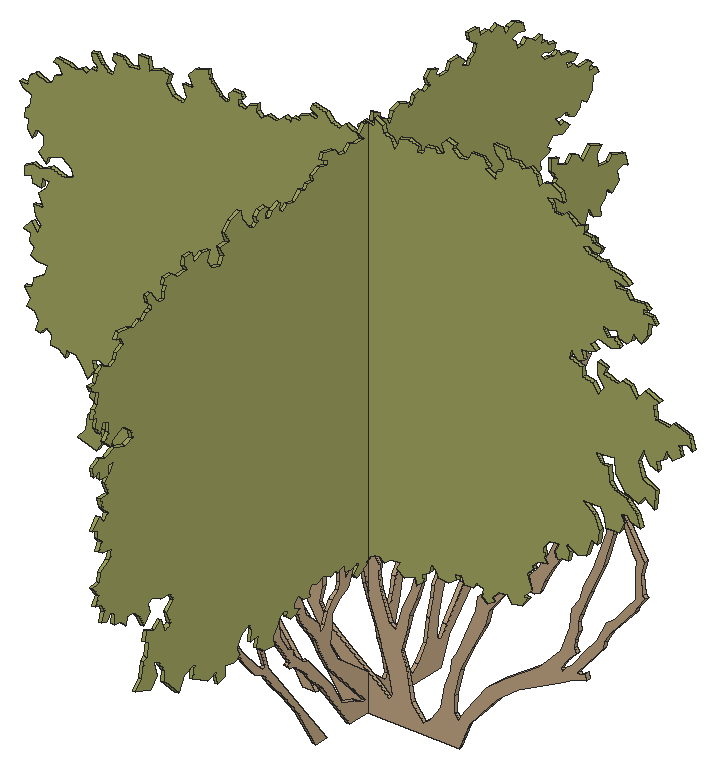
Revit family "L-PL낙엽관목_모란", category 수목, Revit 2019
Family settings
  OmniClass 번호 = 23.40.05.00
  OmniClass 제목 = Plants and Planting Products
  작업 기준면 기반 = 아니오
  항상 수직 = 예
  로드될 때 보이드를 사용하여 절단 = 아니오
  렌더 모양 소스 = 패밀리 형상
  공유 = 아니오
Parameters (values of type "모란")
  한국산업규격KS = ""
  조달청표준공사코드-세부공종 = "10161599202809"
  높이 = 1000 mm
  건설정보분류체계-부위분류 = "E985"
  LIM_INFO_주의사항 = "재배포, 재가공, 판매 금지"
  LIM_INFO_제작일 = "20211210"
  LIM_INFO_버전 = "2022_V01"
  LIM_INFO_PL_학명 = "Quercus myrsinaefolia Bl."
  LIM_INFO_PL_품명 = "가시나무"
  LIM_INFO_PL_주당인정수량 = 0
  LIM_INFO_PL_수목단위 = "주"
  LIM_INFO_PL_규격 = "5.0H X 18R"
  LIM_INFO_PL_구분 = "상록교목"
  LIM_INFO_PL_가격 = 0
  LIM_INFO_PL_Qty [instance] = 0
  LIM_INFO_PL_M2당수량 = 0
  KBIMS_식별-버전 = ""
  KBIMS_식별-bSK등록번호 = ""
  KBIMS_보급정보-저작자 = "림인포테크_MMJ"
  KBIMS_보급정보-보급코드 = ""
Reference planes
  plane 1 "중심(앞/뒤)": y = 0
  plane 2: z = 0
  plane 3 "중심(왼쪽/오른쪽)": x = 0
  plane 4: x = 482.5
  plane 5: x = -607.5
  plane 6: z = -545
  plane 7: z = -817.5
  plane 8: z = 5000
  plane 9: x = -100
  plane 10: x = 100
Dimensions and locks
  plane 4 to plane 5 = 1090 mm
  plane 6 to level = 545 mm
  plane 7 to plane 6 = 272.5 mm
  locked: level to plane 8 at 5000
  plane 9 to plane 10 = 200 mm
  aligned and locked: level to plane 2
Nested families
  nested 1: "모란_base" at (0, 0, 0), type "모란_base"
Definition of nested family "모란_base"
  Parameters (values of type "모란_base")
    Height = 6000 mm
  Reference planes
    plane 1 "중심(앞/뒤)": y = 0
    plane 2: z = 0
    plane 3 "중심(왼쪽/오른쪽)": x = 0
    plane 4 "중심 L/S": x = 500
    plane 5 "중심 L/T": x = -500
  Forms (mm)
    Extrusion 1, solid, detail levels fine
      sketch origin (0, 0, 0) x (1, 0, 0) y (0, 0, 1)
        loop
          line (-128.753, 778.242) -> (-141.519, 768.032) -> (-154.711, 770.585) -> (-164.711, 764.629) -> (-171.733, 770.585) -> (-170.669, 780.157) -> (-184.499, 774.201) -> (-189.606, 766.33) -> (-199.606, 770.159) -> (-199.819, 776.541) -> (-192.159, 781.433) -> (-197.265, 786.113) -> (-209.181, 785.9) -> (-215.564, 778.881) -> (-213.436, 770.797) -> (-220.245, 767.181) -> (-227.905, 770.585) -> (-244.671, 789.332) -> (-246.602, 801.127) -> (-265.478, 795.98) -> (-276.847, 783.971) -> (-269.554, 768.316) -> (-285.642, 768.316) -> (-279.421, 753.305) -> (-283.926, 742.582) -> (-300.872, 747.3) -> (-310.525, 759.524) -> (-305.591, 773.892) -> (-319.32, 776.251) -> (-336.48, 769.389) -> (-339.269, 784.4) -> (-353.855, 784.4) -> (-354.284, 772.605) -> (-350.209, 765.314) -> (-367.798, 763.598) -> (-378.79, 772.751) -> (-392.219, 772.063) -> (-393.596, 764.145) -> (-387.743, 760.703) -> (-391.53, 753.13) -> (-392.563, 743.835) -> (-400.827, 743.835) -> (-410.124, 751.064) -> (-418.388, 763.457) -> (-426.996, 762.424) -> (-424.242, 752.786) -> (-417.011, 745.901) -> (-418.044, 740.737) -> (-426.996, 740.049) -> (-434.227, 732.131) -> (-440.081, 735.574) -> (-451.714, 729.445) -> (-460.711, 733.942) -> (-480.087, 736.017) -> (-485.623, 728.407) -> (-476.973, 727.37) -> (-470.745, 715.608) -> (-483.893, 709.728) -> (-485.969, 700.734) -> (-496.004, 695.891) -> (-512.266, 703.847) -> (-522.301, 697.275) -> (-525.415, 685.167) -> (-537.179, 685.167) -> (-531.643, 676.174) -> (-519.533, 671.331) -> (-521.728, 654.403) -> (-528.04, 650.269) -> (-529.781, 637.43) -> (-523.034, 637.43) -> (-525.646, 622.415) -> (-517.592, 612.623) -> (-511.933, 626.985) -> (-499.743, 621.545) -> (-500.614, 606.965) -> (-508.668, 596.737) -> (-496.043, 584.769) -> (-494.519, 592.385) -> (-472.753, 602.177) -> (-457.951, 590.644) -> (-454.686, 578.893) -> (-468.399, 574.976) -> (-489.295, 581.069) -> (-505.403, 573.453) -> (-516.721, 576.935) -> (-530.217, 569.971) -> (-529.128, 557.35) -> (-518.463, 561.267) -> (-518.027, 549.734) -> (-503.008, 548.646) -> (-501.485, 561.049) -> (-490.601, 561.485) -> (-497.745, 549.007) -> (-508.031, 540.095) -> (-500.213, 522.27) -> (-516.534, 521.584) -> (-512.557, 507.05) -> (-502.956, 496.766) -> (-509.186, 486.009) -> (-518.242, 497.492) -> (-531.052, 482.918) -> (-521.113, 480.047) -> (-521.334, 468.786) -> (-514.591, 462.023) -> (-520.391, 450.255) -> (-511.042, 444.716) -> (-494.25, 443.851) -> (-498.837, 430.351) -> (-515.299, 419.709) -> (-517.657, 406.395) -> (-530.281, 404.176) -> (-520.005, 389.868) -> (-526.295, 377.154) -> (-514.173, 375.134) -> (-508.56, 362.566) -> (-513.05, 349.324) -> (-504.968, 347.304) -> (-496.438, 357.628) -> (-488.581, 350.222) -> (-489.254, 336.756) -> (-477.132, 335.185) -> (-467.254, 325.535) -> (-464.785, 336.307) -> (-451.091, 336.532) -> (-441.213, 325.984) -> (-432.772, 309.544) -> (-421.601, 323.954) -> (-425.204, 336.924) -> (-416.195, 341.607) -> (-399.979, 332.961) -> (-382.322, 331.52) -> (-374.394, 319.991) -> (-387.727, 308.463) -> (-381.601, 290.811) -> (-392.772, 284.326) -> (-400.34, 303.78) -> (-411.871, 295.134) -> (-427.006, 299.817) -> (-429.528, 285.767) -> (-422.682, 282.885) -> (-425.565, 263.071) -> (-433.132, 259.828) -> (-436.375, 237.853) -> (-447.546, 224.523) -> (-418.718, 215.156) -> (-408.268, 230.647) -> (-413.673, 250.101) -> (-406.105, 247.94) -> (-391.691, 229.927) -> (-392.772, 214.796) -> (-366.111, 188.082) -> (-355.61, 207.269) -> (-334.97, 214.871) -> (-338.591, 195.322) -> (-308.535, 179.755) -> (-290.716, 186.835) -> (-293.222, 178.867) -> (-290.402, 167.406) -> (-276.12, 170.375) -> (-276.445, 185.64) -> (-258.247, 182.414) -> (-245.286, 187.518) -> (-253.041, 200.581) -> (-246.078, 214.514) -> (-230.447, 222.582) -> (-223.855, 213.001) -> (-226.89, 197.037) -> (-211.138, 200.312) -> (-215.093, 183.5) -> (-201.517, 174.056) -> (-181.988, 172.859) -> (-182.499, 184.8) -> (-169.899, 206.568) -> (-163.092, 211.459) -> (-155.69, 209.304) -> (-156.128, 200.957) -> (-148.45, 195.384) -> (-136.741, 197.601) -> (-132.694, 203.222) -> (-141.189, 206.453) -> (-142.279, 212.744) -> (-133.268, 218.528) -> (-126.666, 211.862) -> (-111.913, 208.845) -> (-114.903, 218.001) -> (-109.241, 225.261) -> (-98.238, 221.465) -> (-85.842, 226.649) -> (-71.264, 219.251) -> (-62.956, 224.237) -> (-58.367, 218.891) -> (-46.58, 221.776) -> (-47.084, 214.277) -> (-30.787, 211.147) -> (-19.605, 216.948) -> (-17.222, 210.709) -> (-27.51, 202.704) -> (-21.95, 195.821) -> (-3.112, 204.517) -> (3.637, 217) -> (15.574, 222.306) -> (26.22, 216.046) -> (35.388, 223.166) -> (49.562, 225.026) -> (44.506, 214.85) -> (57.108, 206.607) -> (71.657, 213.027) -> (75.012, 201.12) -> (85.052, 209.949) -> (84.922, 219.742) -> (95.593, 226.943) -> (98.098, 238.163) -> (104.495, 233.484) -> (108.846, 223.836) -> (124.051, 223.333) -> (137.193, 231.341) -> (135.206, 237.377) -> (143.889, 239.328) -> (149.681, 229.1) -> (162.286, 229.815) -> (167.838, 236.53) -> (177.652, 233.399) -> (175.522, 222.318) -> (185.087, 214.702) -> (196.812, 221.572) -> (192.659, 226.619) -> (201.754, 236.193) -> (215.591, 237.887) -> (220.886, 228.054) -> (237.834, 231.134) -> (246.511, 243.429) -> (239.824, 245.733) -> (253.388, 257.06) -> (246.788, 278.622) -> (255.423, 288.052) -> (254.228, 291.771) -> (262.947, 300.087) -> (276.988, 302.729) -> (271.842, 311.028) -> (270.727, 322.88) -> (280.113, 334.912) -> (293.779, 336.293) -> (288.261, 324.451) -> (290.311, 312.873) -> (298.92, 318.113) -> (309.055, 317.81) -> (311.778, 331.333) -> (306.882, 338.555) -> (308.677, 340.779) -> (323.283, 332.03) -> (337.721, 335.541) -> (345.525, 358.948) -> (354.5, 356.997) -> (358.012, 377.283) -> (349.427, 396.398) -> (333.233, 409.597) -> (358.15, 410.565) -> (365.407, 397.988) -> (366.133, 383.478) -> (387.421, 384.445) -> (395.646, 400.891) -> (391.292, 410.806) -> (398.549, 413.709) -> (404.839, 405.969) -> (421.288, 402.342) -> (414.308, 419.78) -> (399.407, 435.399) -> (381.381, 439.964) -> (373.209, 450.056) -> (371.767, 470.479) -> (360.231, 469.759) -> (352.54, 482.734) -> (380.66, 485.617) -> (381.621, 465.193) -> (396.042, 444.77) -> (417.673, 434.678) -> (426.806, 447.413) -> (441.707, 435.158) -> (443.63, 462.07) -> (424.402, 472.642) -> (416.952, 493.787) -> (425.804, 511.263) -> (434.591, 494.839) -> (447.963, 490.256) -> (445.671, 502.86) -> (456.751, 509.354) -> (460.953, 522.722) -> (469.741, 512.409) -> (483.495, 523.104) -> (478.528, 538) -> (493.429, 541.82) -> (501.07, 536.855) -> (495.721, 555.953) -> (471.269, 564.356) -> (464.774, 556.716) -> (443.379, 559.772) -> (440.704, 578.87) -> (450.638, 586.509) -> (428.86, 595.676) -> (414.242, 578.864) -> (405.117, 592.548) -> (394.091, 597.489) -> (384.586, 589.127) -> (364.055, 596.729) -> (367.857, 605.091) -> (354.17, 609.653) -> (353.79, 591.408) -> (365.576, 577.344) -> (355.31, 565.941) -> (346.946, 577.724) -> (330.978, 580.765) -> (330.597, 592.928) -> (310.827, 600.15) -> (313.868, 610.793) -> (323.754, 601.67) -> (333.639, 604.331) -> (330.217, 616.874) -> (345.425, 620.295) -> (352.649, 624.476) -> (343.904, 630.558) -> (355.691, 640.821) -> (374.701, 635.499) -> (389.528, 641.15) -> (378.934, 650.607) -> (370.989, 647.959) -> (360.016, 661.954) -> (371.745, 659.685) -> (383.096, 663.089) -> (387.258, 654.389) -> (398.23, 649.85) -> (407.311, 656.659) -> (410.337, 666.115) -> (422.066, 658.172) -> (431.525, 671.789) -> (433.107, 689.889) -> (444.619, 690.829) -> (438.04, 700.224) -> (425.354, 700.929) -> (425.354, 705.391) -> (433.811, 707.975) -> (425.119, 714.082) -> (405.854, 712.672) -> (397.396, 722.067) -> (384.004, 721.833) -> (380.245, 731.228) -> (395.751, 727.47) -> (404.209, 732.402) -> (389.643, 742.032) -> (372.245, 744.021) -> (367.656, 753.196) -> (359.029, 749.434) -> (351.504, 751.911) -> (341.133, 752.921) -> (332.874, 761.27) -> (340.124, 763.931) -> (348.292, 758.976) -> (357.01, 759.251) -> (361.323, 767.509) -> (346.364, 770.536) -> (344.195, 777.245) -> (332.435, 778.987) -> (334.613, 782.615) -> (334.903, 789.727) -> (322.273, 786.389) -> (314.724, 792.63) -> (305.723, 797.564) -> (299.48, 791.469) -> (285.688, 791.759) -> (284.195, 801.788) -> (277.517, 809.335) -> (288.551, 813.399) -> (301.181, 810.061) -> (297.406, 823.268) -> (283.905, 830.38) -> (272.436, 827.187) -> (265.177, 820.656) -> (260.096, 834.008) -> (250.369, 841.12) -> (238.9, 835.024) -> (231.932, 841.41) -> (215.672, 840.685) -> (212.333, 852.731) -> (194.041, 853.747) -> (196.799, 842.426) -> (209.575, 832.121) -> (207.978, 820.51) -> (197.67, 816.737) -> (196.799, 807.303) -> (181.214, 815.632) -> (187.292, 819.249) -> (176.294, 829.52) -> (159.074, 829.086) -> (155.891, 818.381) -> (141.999, 817.224) -> (131.146, 824.746) -> (134.185, 830.533) -> (121.306, 834.873) -> (113.492, 825.47) -> (117.833, 815.054) -> (108.861, 809.99) -> (102.059, 815.435) -> (89.572, 813.569) -> (85.983, 802.377) -> (77.084, 802.52) -> (77.802, 808.834) -> (63.305, 814) -> (48.521, 810.412) -> (46.224, 800.081) -> (40.914, 794.197) -> (36.177, 804.673) -> (24.264, 809.551) -> (22.398, 819.166) -> (10.771, 825.767) -> (9.91, 813.426) -> (-5.641, 816.75) -> (-16.302, 806.114) -> (-9.28, 797.18) -> (-23.536, 796.117) -> (-33.962, 801.222) -> (-43.111, 792.926) -> (-55.877, 795.691) -> (-65.026, 806.54) -> (-85.24, 811.22) -> (-89.282, 803.349) -> (-77.58, 797.606) -> (-78.644, 791.012) -> (-90.772, 794.415) -> (-106.091, 788.034) -> (-104.071, 780.795) -> (-116.199, 781.22) -> (-119.604, 775.052) -> (-128.753, 778.242)
      from 0 to 5
    Extrusion 2, solid, detail levels fine
      sketch origin (0, 0, 0) x (1, 0, 0) y (0, 0, 1)
        loop
          line (-249.286, 185.943) -> (-235.377, 168.56) -> (-218.735, 148.703) -> (-201.287, 138.505) -> (-184.645, 117.306) -> (-162.098, 92.886) -> (-135.468, 58.899) -> (-100.579, 0) -> (-80.726, 0) -> (-141.935, 79.692) -> (-169.313, 114.846) -> (-194.276, 146.511) -> (-202.029, 174.412) -> (-209.457, 179.579) -> (-199.645, 152.414) -> (-200.987, 147.852) -> (-214.408, 158.855) -> (-243.698, 190.565) -> (-251.635, 203.394) -> (-253.041, 200.581) -> (-245.286, 187.518) -> (-249.286, 185.943)
        loop
          line (-182.277, 179.6) -> (-175.26, 169.58) -> (-151.327, 134.971) -> (-156.456, 132.407) -> (-150.9, 127.28) -> (-142.779, 125.998) -> (-120.555, 106.344) -> (-114.145, 97.371) -> (-90.211, 73.444) -> (-71.406, 48.662) -> (-35.351, 0) -> (140.583, 0) -> (156.316, 38.666) -> (191.059, 77.332) -> (204.17, 91.75) -> (233.013, 113.376) -> (296.599, 145.489) -> (318.887, 156.63) -> (337.12, 162.362) -> (336.349, 171.865) -> (327.615, 166.728) -> (324.018, 169.04) -> (353.861, 204.286) -> (363.109, 215.073) -> (364.908, 225.346) -> (375.697, 242.811) -> (387.001, 255.139) -> (412.712, 283.943) -> (414.253, 289.593) -> (428.896, 307.314) -> (424.272, 310.91) -> (421.723, 336.767) -> (427.092, 357.414) -> (394.192, 411.966) -> (391.292, 410.806) -> (395.646, 400.891) -> (393.771, 397.142) -> (408.494, 363.883) -> (413.665, 353.801) -> (412.631, 342.685) -> (412.889, 319.678) -> (412.631, 301.066) -> (402.805, 289.692) -> (382.636, 263.841) -> (368.673, 253.242) -> (352.383, 223.514) -> (336.351, 203.092) -> (315.381, 176.401) -> (307.882, 170.972) -> (300.854, 162.907) -> (297.916, 166.351) -> (307.644, 180.028) -> (321.932, 194.515) -> (318.486, 201.809) -> (319.804, 212.446) -> (324.9, 225.256) -> (324.412, 238.916) -> (328.153, 250.137) -> (333.846, 262.983) -> (343.606, 286.563) -> (363.642, 329.423) -> (379.309, 378.498) -> (379.129, 384.068) -> (367.976, 383.576) -> (367.804, 377.961) -> (347.177, 319.228) -> (332.294, 292.08) -> (326.549, 270.153) -> (313.755, 253.446) -> (310.858, 225.984) -> (296.759, 188.916) -> (264.381, 156.287) -> (211.822, 121.203) -> (183.622, 99.276) -> (150.984, 55.682) -> (139.756, 39.237) -> (133.228, 46.285) -> (134.279, 70.315) -> (142.896, 108.688) -> (162.74, 148.105) -> (182.062, 184.389) -> (188.328, 207.36) -> (211.678, 237.408) -> (201.754, 236.193) -> (192.659, 226.619) -> (196.812, 221.572) -> (185.087, 214.702) -> (175.522, 222.318) -> (176.224, 225.971) -> (169.553, 219.121) -> (165.611, 199.153) -> (138.805, 133.206) -> (128.818, 118.755) -> (126.715, 102.465) -> (118.568, 78.03) -> (112.524, 46.764) -> (97.018, 24.431) -> (85.454, 16.286) -> (67.583, 37.306) -> (59.173, 82.234) -> (51.289, 102.728) -> (60.75, 135.833) -> (64.692, 156.064) -> (75.73, 182.863) -> (83.808, 208.855) -> (75.012, 201.12) -> (72.006, 211.787) -> (66.269, 189.695) -> (52.603, 164.997) -> (47.347, 142.927) -> (42.879, 131.366) -> (33.418, 135.57) -> (19.226, 175.769) -> (16.073, 194.949) -> (17.124, 210.188) -> (10.839, 220.202) -> (3.637, 217) -> (-3.112, 204.517) -> (-8.263, 202.139) -> (-3.638, 180.236) -> (4.772, 152.386) -> (20.015, 107.457) -> (22.906, 93.269) -> (31.841, 66.995) -> (37.886, 38.094) -> (33.155, 30.212) -> (18.438, 42.823) -> (-31.657, 80.161) -> (-59.167, 100.471) -> (-74.827, 126.281) -> (-69.748, 149.553) -> (-69.748, 166.478) -> (-55.358, 182.134) -> (-38.852, 189.327) -> (-29.233, 211.954) -> (-30.787, 211.147) -> (-37.498, 212.436) -> (-38.771, 207.601) -> (-44.244, 204.948) -> (-44.8, 213.839) -> (-47.084, 214.277) -> (-46.58, 221.776) -> (-54.807, 219.762) -> (-54.528, 204.119) -> (-57.182, 194.169) -> (-68.958, 185.713) -> (-78.247, 173.11) -> (-83.222, 157.357) -> (-91.516, 149.398) -> (-95.994, 164.819) -> (-106.941, 176.427) -> (-120.874, 188.366) -> (-126.347, 207.767) -> (-131.238, 216.478) -> (-133.268, 218.528) -> (-142.279, 212.744) -> (-141.189, 206.453) -> (-132.694, 203.222) -> (-136.741, 197.601) -> (-137.868, 197.387) -> (-134.309, 193.506) -> (-131.157, 183.889) -> (-124.523, 173.442) -> (-101.505, 143.311) -> (-93.251, 123.081) -> (-75.413, 93.003) -> (-26.531, 42.253) -> (-6.444, 20.035) -> (-7.726, 17.899) -> (-25.249, 27.726) -> (-51.319, 36.699) -> (-69.697, 69.599) -> (-116.282, 123.007) -> (-124.402, 124.289) -> (-144.916, 143.516) -> (-144.489, 150.78) -> (-155.601, 155.052) -> (-170.559, 178.979) -> (-172.406, 202.238) -> (-182.499, 184.8) -> (-182.277, 179.6)
        loop
          line (298.416, 317.806) -> (290.311, 312.873) -> (288.261, 324.451) -> (293.779, 336.293) -> (288.552, 335.765) -> (276.726, 313.821) -> (273.318, 308.648) -> (276.988, 302.729) -> (268.346, 301.103) -> (262.503, 292.236) -> (247.663, 275.762) -> (253.388, 257.06) -> (250.439, 254.597) -> (257.182, 254.18) -> (265.572, 259.295) -> (272.531, 276.481) -> (287.163, 302.056) -> (298.416, 317.806)
      from 0 to 5
    Extrusion 3, solid, detail levels fine
      sketch origin (-5, -5, 0) x (0, 1, 0) y (0, 0, 1)
        loop
          line (-128.753, 778.242) -> (-141.519, 768.032) -> (-154.711, 770.585) -> (-164.711, 764.629) -> (-171.733, 770.585) -> (-170.669, 780.157) -> (-184.499, 774.201) -> (-189.606, 766.33) -> (-199.606, 770.159) -> (-199.819, 776.541) -> (-192.159, 781.433) -> (-197.265, 786.113) -> (-209.181, 785.9) -> (-215.564, 778.881) -> (-213.436, 770.797) -> (-220.245, 767.181) -> (-227.905, 770.585) -> (-244.671, 789.332) -> (-246.602, 801.127) -> (-265.478, 795.98) -> (-276.847, 783.971) -> (-269.554, 768.316) -> (-285.642, 768.316) -> (-279.421, 753.305) -> (-283.926, 742.582) -> (-300.872, 747.3) -> (-310.525, 759.524) -> (-305.591, 773.892) -> (-319.32, 776.251) -> (-336.48, 769.389) -> (-339.269, 784.4) -> (-353.855, 784.4) -> (-354.284, 772.605) -> (-350.209, 765.314) -> (-367.798, 763.598) -> (-378.79, 772.751) -> (-392.219, 772.063) -> (-393.596, 764.145) -> (-387.743, 760.703) -> (-391.53, 753.13) -> (-392.563, 743.835) -> (-400.827, 743.835) -> (-410.124, 751.064) -> (-418.388, 763.457) -> (-426.996, 762.424) -> (-424.242, 752.786) -> (-417.011, 745.901) -> (-418.044, 740.737) -> (-426.996, 740.049) -> (-434.227, 732.131) -> (-440.081, 735.574) -> (-451.714, 729.445) -> (-460.711, 733.942) -> (-480.087, 736.017) -> (-485.623, 728.407) -> (-476.973, 727.37) -> (-470.745, 715.608) -> (-483.893, 709.728) -> (-485.969, 700.734) -> (-496.004, 695.891) -> (-512.266, 703.847) -> (-522.301, 697.275) -> (-525.415, 685.167) -> (-537.179, 685.167) -> (-531.643, 676.174) -> (-519.533, 671.331) -> (-521.728, 654.403) -> (-528.04, 650.269) -> (-529.781, 637.43) -> (-523.034, 637.43) -> (-525.646, 622.415) -> (-517.592, 612.623) -> (-511.933, 626.985) -> (-499.743, 621.545) -> (-500.614, 606.965) -> (-508.668, 596.737) -> (-496.043, 584.769) -> (-494.519, 592.385) -> (-472.753, 602.177) -> (-457.951, 590.644) -> (-454.686, 578.893) -> (-468.399, 574.976) -> (-489.295, 581.069) -> (-505.403, 573.453) -> (-516.721, 576.935) -> (-530.217, 569.971) -> (-529.128, 557.35) -> (-518.463, 561.267) -> (-518.027, 549.734) -> (-503.008, 548.646) -> (-501.485, 561.049) -> (-490.601, 561.485) -> (-497.745, 549.007) -> (-508.031, 540.095) -> (-500.213, 522.27) -> (-516.534, 521.584) -> (-512.557, 507.05) -> (-502.956, 496.766) -> (-509.186, 486.009) -> (-518.242, 497.492) -> (-531.052, 482.918) -> (-521.113, 480.047) -> (-521.334, 468.786) -> (-514.591, 462.023) -> (-520.391, 450.255) -> (-511.042, 444.716) -> (-494.25, 443.851) -> (-498.837, 430.351) -> (-515.299, 419.709) -> (-517.657, 406.395) -> (-530.281, 404.176) -> (-520.005, 389.868) -> (-526.295, 377.154) -> (-514.173, 375.134) -> (-508.56, 362.566) -> (-513.05, 349.324) -> (-504.968, 347.304) -> (-496.438, 357.628) -> (-488.581, 350.222) -> (-489.254, 336.756) -> (-477.132, 335.185) -> (-467.254, 325.535) -> (-464.785, 336.307) -> (-451.091, 336.532) -> (-441.213, 325.984) -> (-432.772, 309.544) -> (-421.601, 323.954) -> (-425.204, 336.924) -> (-416.195, 341.607) -> (-399.979, 332.961) -> (-382.322, 331.52) -> (-374.394, 319.991) -> (-387.727, 308.463) -> (-381.601, 290.811) -> (-392.772, 284.326) -> (-400.34, 303.78) -> (-411.871, 295.134) -> (-427.006, 299.817) -> (-429.528, 285.767) -> (-422.682, 282.885) -> (-425.565, 263.071) -> (-433.132, 259.828) -> (-436.375, 237.853) -> (-447.546, 224.523) -> (-418.718, 215.156) -> (-408.268, 230.647) -> (-413.673, 250.101) -> (-406.105, 247.94) -> (-391.691, 229.927) -> (-392.772, 214.796) -> (-366.111, 188.082) -> (-355.61, 207.269) -> (-334.97, 214.871) -> (-338.591, 195.322) -> (-308.535, 179.755) -> (-290.716, 186.835) -> (-293.222, 178.867) -> (-290.402, 167.406) -> (-276.12, 170.375) -> (-276.445, 185.64) -> (-258.247, 182.414) -> (-245.286, 187.518) -> (-253.041, 200.581) -> (-246.078, 214.514) -> (-230.447, 222.582) -> (-223.855, 213.001) -> (-226.89, 197.037) -> (-211.138, 200.312) -> (-215.093, 183.5) -> (-201.517, 174.056) -> (-181.988, 172.859) -> (-182.499, 184.8) -> (-169.899, 206.568) -> (-163.092, 211.459) -> (-155.69, 209.304) -> (-156.128, 200.957) -> (-148.45, 195.384) -> (-136.741, 197.601) -> (-132.694, 203.222) -> (-141.189, 206.453) -> (-142.279, 212.744) -> (-133.268, 218.528) -> (-126.666, 211.862) -> (-111.913, 208.845) -> (-114.903, 218.001) -> (-109.241, 225.261) -> (-98.238, 221.465) -> (-85.842, 226.649) -> (-71.264, 219.251) -> (-62.956, 224.237) -> (-58.367, 218.891) -> (-46.58, 221.776) -> (-47.084, 214.277) -> (-30.787, 211.147) -> (-19.605, 216.948) -> (-17.222, 210.709) -> (-27.51, 202.704) -> (-21.95, 195.821) -> (-3.112, 204.517) -> (3.637, 217) -> (15.574, 222.306) -> (26.22, 216.046) -> (35.388, 223.166) -> (49.562, 225.026) -> (44.506, 214.85) -> (57.108, 206.607) -> (71.657, 213.027) -> (75.012, 201.12) -> (85.052, 209.949) -> (84.922, 219.742) -> (95.593, 226.943) -> (98.098, 238.163) -> (104.495, 233.484) -> (108.846, 223.836) -> (124.051, 223.333) -> (137.193, 231.341) -> (135.206, 237.377) -> (143.889, 239.328) -> (149.681, 229.1) -> (162.286, 229.815) -> (167.838, 236.53) -> (177.652, 233.399) -> (175.522, 222.318) -> (185.087, 214.702) -> (196.812, 221.572) -> (192.659, 226.619) -> (201.754, 236.193) -> (215.591, 237.887) -> (220.886, 228.054) -> (237.834, 231.134) -> (246.511, 243.429) -> (239.824, 245.733) -> (253.388, 257.06) -> (246.788, 278.622) -> (255.423, 288.052) -> (254.228, 291.771) -> (262.947, 300.087) -> (276.988, 302.729) -> (271.842, 311.028) -> (270.727, 322.88) -> (280.113, 334.912) -> (293.779, 336.293) -> (288.261, 324.451) -> (290.311, 312.873) -> (298.92, 318.113) -> (309.055, 317.81) -> (311.778, 331.333) -> (306.882, 338.555) -> (308.677, 340.779) -> (323.283, 332.03) -> (337.721, 335.541) -> (345.525, 358.948) -> (354.5, 356.997) -> (358.012, 377.283) -> (349.427, 396.398) -> (333.233, 409.597) -> (358.15, 410.565) -> (365.407, 397.988) -> (366.133, 383.478) -> (387.421, 384.445) -> (395.646, 400.891) -> (391.292, 410.806) -> (398.549, 413.709) -> (404.839, 405.969) -> (421.288, 402.342) -> (414.308, 419.78) -> (399.407, 435.399) -> (381.381, 439.964) -> (373.209, 450.056) -> (371.767, 470.479) -> (360.231, 469.759) -> (352.54, 482.734) -> (380.66, 485.617) -> (381.621, 465.193) -> (396.042, 444.77) -> (417.673, 434.678) -> (426.806, 447.413) -> (441.707, 435.158) -> (443.63, 462.07) -> (424.402, 472.642) -> (416.952, 493.787) -> (425.804, 511.263) -> (434.591, 494.839) -> (447.963, 490.256) -> (445.671, 502.86) -> (456.751, 509.354) -> (460.953, 522.722) -> (469.741, 512.409) -> (483.495, 523.104) -> (478.528, 538) -> (493.429, 541.82) -> (501.07, 536.855) -> (495.721, 555.953) -> (471.269, 564.356) -> (464.774, 556.716) -> (443.379, 559.772) -> (440.704, 578.87) -> (450.638, 586.509) -> (428.86, 595.676) -> (414.242, 578.864) -> (405.117, 592.548) -> (394.091, 597.489) -> (384.586, 589.127) -> (364.055, 596.729) -> (367.857, 605.091) -> (354.17, 609.653) -> (353.79, 591.408) -> (365.576, 577.344) -> (355.31, 565.941) -> (346.946, 577.724) -> (330.978, 580.765) -> (330.597, 592.928) -> (310.827, 600.15) -> (313.868, 610.793) -> (323.754, 601.67) -> (333.639, 604.331) -> (330.217, 616.874) -> (345.425, 620.295) -> (352.649, 624.476) -> (343.904, 630.558) -> (355.691, 640.821) -> (374.701, 635.499) -> (389.528, 641.15) -> (378.934, 650.607) -> (370.989, 647.959) -> (360.016, 661.954) -> (371.745, 659.685) -> (383.096, 663.089) -> (387.258, 654.389) -> (398.23, 649.85) -> (407.311, 656.659) -> (410.337, 666.115) -> (422.066, 658.172) -> (431.525, 671.789) -> (433.107, 689.889) -> (444.619, 690.829) -> (438.04, 700.224) -> (425.354, 700.929) -> (425.354, 705.391) -> (433.811, 707.975) -> (425.119, 714.082) -> (405.854, 712.672) -> (397.396, 722.067) -> (384.004, 721.833) -> (380.245, 731.228) -> (395.751, 727.47) -> (404.209, 732.402) -> (389.643, 742.032) -> (372.245, 744.021) -> (367.656, 753.196) -> (359.029, 749.434) -> (351.504, 751.911) -> (341.133, 752.921) -> (332.874, 761.27) -> (340.124, 763.931) -> (348.292, 758.976) -> (357.01, 759.251) -> (361.323, 767.509) -> (346.364, 770.536) -> (344.195, 777.245) -> (332.435, 778.987) -> (334.613, 782.615) -> (334.903, 789.727) -> (322.273, 786.389) -> (314.724, 792.63) -> (305.723, 797.564) -> (299.48, 791.469) -> (285.688, 791.759) -> (284.195, 801.788) -> (277.517, 809.335) -> (288.551, 813.399) -> (301.181, 810.061) -> (297.406, 823.268) -> (283.905, 830.38) -> (272.436, 827.187) -> (265.177, 820.656) -> (260.096, 834.008) -> (250.369, 841.12) -> (238.9, 835.024) -> (231.932, 841.41) -> (215.672, 840.685) -> (212.333, 852.731) -> (194.041, 853.747) -> (196.799, 842.426) -> (209.575, 832.121) -> (207.978, 820.51) -> (197.67, 816.737) -> (196.799, 807.303) -> (181.214, 815.632) -> (187.292, 819.249) -> (176.294, 829.52) -> (159.074, 829.086) -> (155.891, 818.381) -> (141.999, 817.224) -> (131.146, 824.746) -> (134.185, 830.533) -> (121.306, 834.873) -> (113.492, 825.47) -> (117.833, 815.054) -> (108.861, 809.99) -> (102.059, 815.435) -> (89.572, 813.569) -> (85.983, 802.377) -> (77.084, 802.52) -> (77.802, 808.834) -> (63.305, 814) -> (48.521, 810.412) -> (46.224, 800.081) -> (40.914, 794.197) -> (36.177, 804.673) -> (24.264, 809.551) -> (22.398, 819.166) -> (10.771, 825.767) -> (9.91, 813.426) -> (-5.641, 816.75) -> (-16.302, 806.114) -> (-9.28, 797.18) -> (-23.536, 796.117) -> (-33.962, 801.222) -> (-43.111, 792.926) -> (-55.877, 795.691) -> (-65.026, 806.54) -> (-85.24, 811.22) -> (-89.282, 803.349) -> (-77.58, 797.606) -> (-78.644, 791.012) -> (-90.772, 794.415) -> (-106.091, 788.034) -> (-104.071, 780.795) -> (-116.199, 781.22) -> (-119.604, 775.052) -> (-128.753, 778.242)
      from 0 to 5
    Extrusion 4, solid, detail levels fine
      sketch origin (-5, -5, 0) x (0, 1, 0) y (0, 0, 1)
        loop
          line (-249.286, 185.943) -> (-235.377, 168.56) -> (-218.735, 148.703) -> (-201.287, 138.505) -> (-184.645, 117.306) -> (-162.098, 92.886) -> (-135.468, 58.899) -> (-100.579, 0) -> (-80.726, 0) -> (-141.935, 79.692) -> (-169.313, 114.846) -> (-194.276, 146.511) -> (-202.029, 174.412) -> (-209.457, 179.579) -> (-199.645, 152.414) -> (-200.987, 147.852) -> (-214.408, 158.855) -> (-243.698, 190.565) -> (-251.635, 203.394) -> (-253.041, 200.581) -> (-245.286, 187.518) -> (-249.286, 185.943)
        loop
          line (-182.277, 179.6) -> (-175.26, 169.58) -> (-151.327, 134.971) -> (-156.456, 132.407) -> (-150.9, 127.28) -> (-142.779, 125.998) -> (-120.555, 106.344) -> (-114.145, 97.371) -> (-90.211, 73.444) -> (-71.406, 48.662) -> (-35.351, 0) -> (140.583, 0) -> (156.316, 38.666) -> (191.059, 77.332) -> (204.17, 91.75) -> (233.013, 113.376) -> (296.599, 145.489) -> (318.887, 156.63) -> (337.12, 162.362) -> (336.349, 171.865) -> (327.615, 166.728) -> (324.018, 169.04) -> (353.861, 204.286) -> (363.109, 215.073) -> (364.908, 225.346) -> (375.697, 242.811) -> (387.001, 255.139) -> (412.712, 283.943) -> (414.253, 289.593) -> (428.896, 307.314) -> (424.272, 310.91) -> (421.723, 336.767) -> (427.092, 357.414) -> (394.192, 411.966) -> (391.292, 410.806) -> (395.646, 400.891) -> (393.771, 397.142) -> (408.494, 363.883) -> (413.665, 353.801) -> (412.631, 342.685) -> (412.889, 319.678) -> (412.631, 301.066) -> (402.805, 289.692) -> (382.636, 263.841) -> (368.673, 253.242) -> (352.383, 223.514) -> (336.351, 203.092) -> (315.381, 176.401) -> (307.882, 170.972) -> (300.854, 162.907) -> (297.916, 166.351) -> (307.644, 180.028) -> (321.932, 194.515) -> (318.486, 201.809) -> (319.804, 212.446) -> (324.9, 225.256) -> (324.412, 238.916) -> (328.153, 250.137) -> (333.846, 262.983) -> (343.606, 286.563) -> (363.642, 329.423) -> (379.309, 378.498) -> (379.129, 384.068) -> (367.976, 383.576) -> (367.804, 377.961) -> (347.177, 319.228) -> (332.294, 292.08) -> (326.549, 270.153) -> (313.755, 253.446) -> (310.858, 225.984) -> (296.759, 188.916) -> (264.381, 156.287) -> (211.822, 121.203) -> (183.622, 99.276) -> (150.984, 55.682) -> (139.756, 39.237) -> (133.228, 46.285) -> (134.279, 70.315) -> (142.896, 108.688) -> (162.74, 148.105) -> (182.062, 184.389) -> (188.328, 207.36) -> (211.678, 237.408) -> (201.754, 236.193) -> (192.659, 226.619) -> (196.812, 221.572) -> (185.087, 214.702) -> (175.522, 222.318) -> (176.224, 225.971) -> (169.553, 219.121) -> (165.611, 199.153) -> (138.805, 133.206) -> (128.818, 118.755) -> (126.715, 102.465) -> (118.568, 78.03) -> (112.524, 46.764) -> (97.018, 24.431) -> (85.454, 16.286) -> (67.583, 37.306) -> (59.173, 82.234) -> (51.289, 102.728) -> (60.75, 135.833) -> (64.692, 156.064) -> (75.73, 182.863) -> (83.808, 208.855) -> (75.012, 201.12) -> (72.006, 211.787) -> (66.269, 189.695) -> (52.603, 164.997) -> (47.347, 142.927) -> (42.879, 131.366) -> (33.418, 135.57) -> (19.226, 175.769) -> (16.073, 194.949) -> (17.124, 210.188) -> (10.839, 220.202) -> (3.637, 217) -> (-3.112, 204.517) -> (-8.263, 202.139) -> (-3.638, 180.236) -> (4.772, 152.386) -> (20.015, 107.457) -> (22.906, 93.269) -> (31.841, 66.995) -> (37.886, 38.094) -> (33.155, 30.212) -> (18.438, 42.823) -> (-31.657, 80.161) -> (-59.167, 100.471) -> (-74.827, 126.281) -> (-69.748, 149.553) -> (-69.748, 166.478) -> (-55.358, 182.134) -> (-38.852, 189.327) -> (-29.233, 211.954) -> (-30.787, 211.147) -> (-37.498, 212.436) -> (-38.771, 207.601) -> (-44.244, 204.948) -> (-44.8, 213.839) -> (-47.084, 214.277) -> (-46.58, 221.776) -> (-54.807, 219.762) -> (-54.528, 204.119) -> (-57.182, 194.169) -> (-68.958, 185.713) -> (-78.247, 173.11) -> (-83.222, 157.357) -> (-91.516, 149.398) -> (-95.994, 164.819) -> (-106.941, 176.427) -> (-120.874, 188.366) -> (-126.347, 207.767) -> (-131.238, 216.478) -> (-133.268, 218.528) -> (-142.279, 212.744) -> (-141.189, 206.453) -> (-132.694, 203.222) -> (-136.741, 197.601) -> (-137.868, 197.387) -> (-134.309, 193.506) -> (-131.157, 183.889) -> (-124.523, 173.442) -> (-101.505, 143.311) -> (-93.251, 123.081) -> (-75.413, 93.003) -> (-26.531, 42.253) -> (-6.444, 20.035) -> (-7.726, 17.899) -> (-25.249, 27.726) -> (-51.319, 36.699) -> (-69.697, 69.599) -> (-116.282, 123.007) -> (-124.402, 124.289) -> (-144.916, 143.516) -> (-144.489, 150.78) -> (-155.601, 155.052) -> (-170.559, 178.979) -> (-172.406, 202.238) -> (-182.499, 184.8) -> (-182.277, 179.6)
        loop
          line (298.416, 317.806) -> (290.311, 312.873) -> (288.261, 324.451) -> (293.779, 336.293) -> (288.552, 335.765) -> (276.726, 313.821) -> (273.318, 308.648) -> (276.988, 302.729) -> (268.346, 301.103) -> (262.503, 292.236) -> (247.663, 275.762) -> (253.388, 257.06) -> (250.439, 254.597) -> (257.182, 254.18) -> (265.572, 259.295) -> (272.531, 276.481) -> (287.163, 302.056) -> (298.416, 317.806)
      from 0 to 5
    Revolve 5, solid, detail levels coarse
      sketch origin (0, 0, 0) x (1, 0, 0) y (0, 0, 1)
        loop
          line (0, 0) -> (0, 845.361) -> (-250, 845.361)
          arc (-250, 845.361) -> (-426.777, 772.138) -> (-500, 595.361) r 250
          line (-500, 595.361) -> (-500, 250)
          arc (-500, 250) -> (-426.777, 73.223) -> (-250, 0) r 250
          line (-250, 0) -> (0, 0)
        axis (0, 845.361) -> (0, 0)
      angle from 0 to 360
  Lines and regions (mm)
    symbolic lines
      curve 1: circle (-85.818, -152.238, 0) r 16.73 normal (0, 0, 1)
      curve 2: circle (-233.597, -205.184, 0) r 20.298 normal (0, 0, 1)
      curve 3: circle (-172.255, -188.464, 0) r 14.217 normal (0, 0, 1)
      curve 4: circle (-188.985, -285.996, 0) r 30.779 normal (0, 0, 1)
      curve 5: circle (-294.939, -196.824, 0) r 11.153 normal (0, 0, 1)
      curve 6: circle (215.317, -246.983, 0) r 30.779 normal (0, 0, 1)
      curve 7: circle (310.118, -202.397, 0) r 16.96 normal (0, 0, 1)
      curve 8: circle (179.069, -155.025, 0) r 11.496 normal (0, 0, 1)
      curve 9: circle (279.447, -244.197, 0) r 11.153 normal (0, 0, 1)
      curve 10: circle (153.975, 207.236, 0) r 22.477 normal (0, 0, 1)
      curve 11: circle (162.339, 288.048, 0) r 11.153 normal (0, 0, 1)
      curve 12: circle (-172.255, -118.799, 0) r 16.73 normal (0, 0, 1)
      curve 13: circle (109.362, 176.583, 0) r 11.153 normal (0, 0, 1)
      curve 14: circle (-122.066, 257.396, 0) r 22.477 normal (0, 0, 1)
      curve 15: circle (-96.971, 346.568, 0) r 12.468 normal (0, 0, 1)
      curve 16: circle (-66.3, 246.249, 0) r 22.477 normal (0, 0, 1)
      curve 17: circle (-244.75, 95.771, 0) r 15.014 normal (0, 0, 1)
      curve 18: circle (-314.457, 168.224, 0) r 16.73 normal (0, 0, 1)
      curve 19: circle (-241.962, 151.504, 0) r 30.779 normal (0, 0, 1)
      curve 20: circle (-303.304, 129.211, 0) r 11.153 normal (0, 0, 1)
      curve 21: line (-293.501, -331.471, 0) -> (0, 0, 0)
      curve 22: line (0, 0, 0) -> (-216.207, -381.269, 0)
      curve 23: line (372.013, -259.589, 0) -> (3.65, 0, 0)
      curve 24: line (3.65, 0, 0) -> (-377.629, -246.998, 0)
      curve 25: line (429.204, 147.205, 0) -> (0, 0, 0)
      curve 26: line (0, 0, 0) -> (297.372, -300.729, 0)
      curve 27: line (3.65, 0, 0) -> (234.84, 380.642, 0)
      curve 28: line (-142.312, 431.146, 0) -> (0, 0, 0)
      curve 29: line (0, 0, 0) -> (-395.134, 183.527, 0)
      curve 30: circle (282.236, 73.478, 0) r 30.779 normal (0, 0, 1)
      curve 31: circle (340.79, 134.784, 0) r 22.477 normal (0, 0, 1)
      curve 32: circle (363.096, 84.625, 0) r 11.153 normal (0, 0, 1)
      curve 33: arc (-414.791, -65.696, 0) -> (-431.828, -140.31, 0) -> (-374.189, -190.659, 0) r 74.597
      curve 34: arc (374.189, -190.659, 0) -> (431.828, -140.31, 0) -> (414.791, -65.696, 0) r 74.597
      curve 35: arc (65.696, -414.791, 0) -> (140.31, -431.828, 0) -> (190.659, -374.189, 0) r 74.597
      curve 36: arc (-65.696, -414.791, 0) -> (0, -454.051, 0) -> (65.696, -414.791, 0) r 74.597
      curve 37: arc (-190.659, -374.189, 0) -> (-140.31, -431.828, 0) -> (-65.696, -414.791, 0) r 74.597
      curve 38: arc (-296.958, -296.958, 0) -> (-266.885, -367.335, 0) -> (-190.659, -374.189, 0) r 74.597
      curve 39: arc (-374.189, -190.659, 0) -> (-367.335, -266.885, 0) -> (-296.958, -296.958, 0) r 74.597
      curve 40: arc (296.958, -296.958, 0) -> (367.335, -266.885, 0) -> (374.189, -190.659, 0) r 74.597
      curve 41: arc (190.659, -374.189, 0) -> (266.885, -367.335, 0) -> (296.958, -296.958, 0) r 74.597
      curve 42: arc (190.659, 374.189, 0) -> (140.31, 431.828, 0) -> (65.696, 414.791, 0) r 74.597
      curve 43: arc (-414.791, 65.696, 0) -> (-454.051, 0, 0) -> (-414.791, -65.696, 0) r 74.597
      curve 44: arc (-374.189, 190.659, 0) -> (-431.828, 140.31, 0) -> (-414.791, 65.696, 0) r 74.597
      curve 45: arc (-296.958, 296.958, 0) -> (-367.335, 266.885, 0) -> (-374.189, 190.659, 0) r 74.597
      curve 46: arc (-190.659, 374.189, 0) -> (-266.885, 367.335, 0) -> (-296.958, 296.958, 0) r 74.597
      curve 47: arc (-65.696, 414.791, 0) -> (-140.31, 431.828, 0) -> (-190.659, 374.189, 0) r 74.597
      curve 48: arc (65.696, 414.791, 0) -> (0, 454.051, 0) -> (-65.696, 414.791, 0) r 74.597
      curve 49: arc (296.958, 296.958, 0) -> (266.885, 367.335, 0) -> (190.659, 374.189, 0) r 74.597
      curve 50: arc (374.189, 190.659, 0) -> (367.335, 266.885, 0) -> (296.958, 296.958, 0) r 74.597
      curve 51: arc (414.791, 65.696, 0) -> (431.828, 140.31, 0) -> (374.189, 190.659, 0) r 74.597
      curve 52: arc (414.791, -65.696, 0) -> (454.051, 0, 0) -> (414.791, 65.696, 0) r 74.597
  Dimensions and locks
    aligned and locked: level to plane 2
